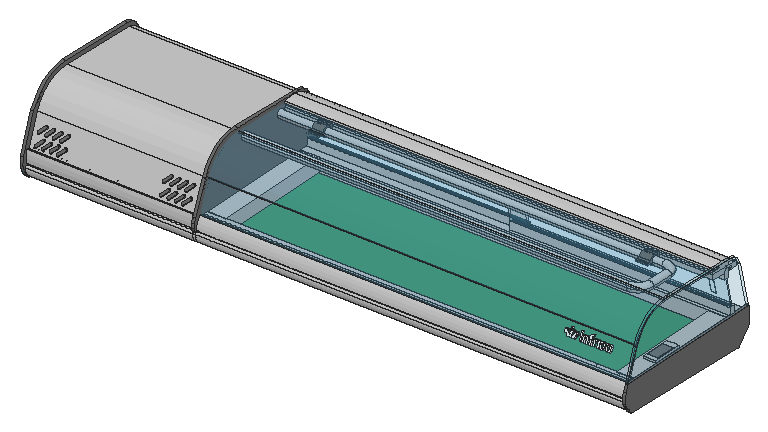
Revit family "QF_INFRICO_VSU6P_250818080521", category Specialty Equipment, Revit 2021
Family settings
  Round Connector Dimension = Use Diameter
  Part Type = Normal
  OmniClass Number = 23.40.40.14
  OmniClass Title = Food Service Equipment
  Work Plane-Based = No
  Always vertical = Yes
  Cut with Voids When Loaded = No
  Shared = No
  Room Calculation Point = No
Parameters (values of type "VSU6P")
  Weight [instance] = 0.00 kg
  Warranty Start Date [instance] = ""
  Warranty Duration [instance] = ""
  Volts [instance] = 230 V
  Volt Free Conn [instance] = no
  URL Recommended Spares List [instance] = ""
  URL Manufacturer [instance] = ""
  URL Cutsheet [instance] = ""
  URL Critical Spares List [instance] = ""
  URL = "www.infrico.com"
  Technical Documentation [instance] = ""
  Tag Number [instance] = ""
  Status [instance] = ""
  Start Up Current [instance] = 0 A
  Specification by User [instance] = ""
  Specification by Manufacturer [instance] = ""
  Sound Level [instance] = ""
  Show Logo [instance] = yes
  Show Clearances [instance] = yes
  Service Life Duration [instance] = ""
  Serial Number [instance] = ""
  Seismic Rating [instance] = ""
  SMACNA No [instance] = ""
  Revision Code [instance] = ""
  Revision [instance] = ""
  Production Year [instance] = ""
  Potential Equalisation [instance] = no
  Point Load [instance] = 0
  Phase [instance] = 1
  Other Equipment Approvals [instance] = ""
  Operational Current [instance] = 0 A
  Number of Poles [instance] = 2
  No Load Power Draw [instance] = no
  NAFEM Spec ID Number [instance] = ""
  Model Warning [instance] = ""
  Model = "VSU6P"
  Min Ckt Ampacity [instance] = 0 A
  Max Overcurrent Protection [instance] = 0 A
  Masterspec [instance] = ""
  Manufacturer = "INFRICO"
  Main switch integrated [instance] = no
  Length Actual [instance] = 1620 mm
  Item Number [instance] = ""
  Installed By [instance] = ""
  Installation Date [instance] = ""
  Identify Quantity as Lot [instance] = no
  ID [instance] = ""
  Hygiene Approval [instance] = ""
  Height Actual [instance] = 230 mm
  HP power [instance] = ""
  Furnished By [instance] = ""
  Foodservice Equipment Identifier [instance] = no
  FL Amps [instance] = 0 A
  Electrical Remarks [instance] = ""
  Electric power [instance] = 190 W
  Electric Connection Type [instance] = ""
  Elec Conn RI Height [instance] = 0 mm
  Elec Conn Connection Height [instance] = 0 mm
  ETL Approved [instance] = no
  Description = "SUSHI FISH AND SEAFOOD DISPLAY CASE - R600"
  Depth Actual [instance] = 410 mm
  Default Elevation = 0 mm
  Cycle [instance] = 50 Hz
  Cost = 0
  Connection to energy optimisation system [instance] = yes
  Conn Plug [instance] = ""
  Conn Conduit [instance] = no
  Centralized building control system with digital interface [instance] = ""
  CSI MasterFormat [instance] = ""
  CE Approved [instance] = no
  Barcode [instance] = 0
  Author [instance] = ""
  Asset Identifier [instance] = ""
  Apparent Power [instance] = 190 VA
  Accessory [instance] = no
Reference planes
  plane 1 "Center (Front/Back)": y = 0
  plane 2: z = 0
  plane 3 "Center (Left/Right)": x = 0
Forms (mm)
  Extrusion 1, solid, not visible
    sketch origin (1590.078, -69.503, 10) x (1, 0, 0) y (0, 1, 0)
      loop
        line (-2, 2) -> (-2, -2) -> (2, -2) -> (2, 2) -> (-2, 2)
    from -2 to 2
Dimensions and locks
  locked: nested 2 to Extrusion 1 at 2  (x2)
  aligned and locked: level to plane 2
Nested families
  nested 1: "QF_INFRICO_VSU6P_2920" at (0, 0, 0), type "VSU6P"
    with Weight 0.00 kg, Warranty Start Date "", Warranty Duration "", URL Cutsheet "", Technical Documentation "", Tag Number "", Status "", Specification by User "", Specification by Manufacturer "", Sound Level "", Solid Fuel Type "", Show Logo yes, Show Clearances yes, Show Clearance yes, Service Life Duration "", Serial Number "", Seismic Rating "", SMACNA No "", Revision Code "", Revision "", Production Year "", Point Load 0, Other Equipment Approvals "", NAFEM Spec ID Number "", Model Warning "", Masterspec "", Length Actual 1620 mm, Item Number "", Installed By "", Installation Date "", Identify Quantity as Lot yes, ID "", Hygiene Approval "", Height Actual 230 mm, Furnished By "", Foodservice Equipment Identifier yes, ETL Approved yes, Depth Actual 410 mm, CSI MasterFormat "", CE Approved no, Barcode "", Author "", Asset Identifier "", Accessory no
  nested 2: "CONN_POINT_ELE_2D___Generic_Annotation" at (1590.078, -69.503, 8), type "CONN_POINT_ELE_2D___Generic_Annotation"
    with Onboard connection annotation symbol visibility yes
Connectors
  electrical at (1590.078, -69.503, 8), driven by "Apparent Power", driven by "Number of Poles", driven by "Volts"
    settings: on Extrusion 1, index 1, voltage 230 V, apparent load 0 VA, apparent load phase1 190 VA, apparent load phase2 0 VA, apparent load phase3 0 VA, power factor 1, load classification "Other", number of poles 2, system type 31, power factor state 1, is connector primary yes, connector utility no, sub classification motor no, connector description "Electrical connection for VSU6P"
Definition of nested family "QF_INFRICO_VSU6P_2920"
  Parameters (values of type "VSU6P")
    Weight [instance] = 0.00 kg
    Warranty Start Date [instance] = ""
    Warranty Duration [instance] = ""
    URL Cutsheet [instance] = ""
    URL = "www.infrico.com"
    Technical Documentation [instance] = ""
    Tag Number [instance] = ""
    Status [instance] = ""
    Specification by User [instance] = ""
    Specification by Manufacturer [instance] = ""
    Sound Level [instance] = ""
    Solid Fuel Type [instance] = ""
    Show Logo [instance] = yes
    Show Clearances [instance] = yes
    Show Clearance [instance] = yes
    Service Life Duration [instance] = ""
    Serial Number [instance] = ""
    Seismic Rating [instance] = ""
    SMACNA No [instance] = ""
    Revision Code [instance] = ""
    Revision [instance] = ""
    Production Year [instance] = ""
    Point Load [instance] = 0
    Other Equipment Approvals [instance] = ""
    NAFEM Spec ID Number [instance] = ""
    Model Warning [instance] = ""
    Model = "VSU6P"
    Masterspec [instance] = ""
    Manufacturer = "INFRICO"
    Length Actual [instance] = 0 mm
    Item Number [instance] = ""
    Installed By [instance] = ""
    Installation Date [instance] = ""
    Identify Quantity as Lot [instance] = yes
    ID [instance] = ""
    Hygiene Approval [instance] = ""
    Height Actual [instance] = 0 mm
    Furnished By [instance] = ""
    Foodservice Equipment Identifier [instance] = yes
    ETL Approved [instance] = yes
    Description = "SUSHI FISH AND SEAFOOD DISPLAY CASE - R600"
    Depth Actual [instance] = 0 mm
    Default Elevation = 0 mm
    CSI MasterFormat [instance] = ""
    CE Approved [instance] = yes
    Barcode [instance] = ""
    Author [instance] = ""
    Asset Identifier [instance] = ""
    Assembly Code = "E1090320"
    Accessory [instance] = yes
  Reference planes
    plane 1 "Back": y = 0
    plane 2: z = 0
    plane 3 "Left": x = 0
    plane 4 "Right": x = 1620
    plane 5 "Front": y = -410
    plane 6 "Top": z = 230
  Forms (mm)
    Extrusion 1, solid
      sketch origin (0, 0, 0) x (0, 1, 0) y (0, 0, 1)
        loop
          arc (-36, 5) -> (-33.764, 5.528) -> (-32, 7) r 5
          line (-32, 7) -> (-1, 42)
          arc (-1, 42) -> (-0.257, 43.419) -> (0, 45) r 5
          line (0, 45) -> (0, 93) -> (-25, 203)
          arc (-25, 203) -> (-37.292, 222.429) -> (-59, 230) r 34.907
          line (-59, 230) -> (-266.176, 230)
          arc (-266.176, 230) -> (-331.51, 209.383) -> (-373.176, 155) r 113.827
          line (-373.176, 155) -> (-407.176, 61)
          arc (-407.176, 61) -> (-407.489, 29.671) -> (-388.176, 5) r 47.366
          line (-388.176, 5) -> (-36, 5)
      from 0 to 8
    Extrusion 2, solid
      sketch origin (458, 0, 0) x (0, 1, 0) y (0, 0, 1)
        loop
          line (-59, 230) -> (-266.176, 230)
          arc (-266.176, 230) -> (-331.51, 209.383) -> (-373.176, 155) r 113.827
          line (-373.176, 155) -> (-407.176, 61)
          arc (-407.176, 61) -> (-408.779, 55.576) -> (-409.723, 50) r 47.366
          arc (-409.723, 50) -> (-407.199, 42.249) -> (-399.723, 39) r 9.929
          line (-399.723, 39) -> (-362.091, 39) -> (-362.091, 5) -> (-95.091, 5) -> (-95.091, 78) -> (-58.091, 78) -> (-58.091, 85) -> (-4.091, 85) -> (-4.091, 111) -> (-25, 203)
          arc (-25, 203) -> (-37.292, 222.429) -> (-59, 230) r 34.907
      from 0 to 8
    Extrusion 3, solid
      sketch origin (0, 0, 0) x (0, 1, 0) y (0, 0, 1)
        loop
          line (-59, 221) -> (-266.176, 221)
          arc (-266.176, 221) -> (-326.388, 201.982) -> (-364.752, 151.829) r 104.827
          line (-364.752, 151.829) -> (-398, 59.909) -> (-396.119, 59.228) -> (-389.691, 77) -> (-387.723, 77) -> (-384.723, 74) -> (-379.723, 74) -> (-379.723, 49)
          arc (-379.723, 49) -> (-382.652, 41.929) -> (-389.723, 39) r 10
          line (-389.723, 39) -> (-399.723, 39)
          arc (-399.723, 39) -> (-403.098, 36.729) -> (-404.723, 33) r 7.268
          arc (-404.723, 33) -> (-399.374, 15.527) -> (-382.723, 8) r 22.18
          line (-382.723, 8) -> (-36.98, 8) -> (-4.091, 45) -> (-4.091, 85) -> (-20, 85) -> (-20, 154) -> (-30, 197)
          arc (-30, 197) -> (-40.178, 214.222) -> (-59, 221) r 29.521
      from 8 to 458
    Extrusion 4, solid
      sketch origin (0, 0, 0) x (0, 1, 0) y (0, 0, 1)
        loop
          line (-398, 77) -> (-399, 77)
          arc (-399, 77) -> (-399.594, 76.594) -> (-400, 76) r 1.947
          arc (-400, 76) -> (-402, 59) -> (-400, 42) r 73.25
          line (-400, 42) -> (-398, 42) -> (-398, 49) -> (-390, 49) -> (-390, 42) -> (-388, 42) -> (-388, 77) -> (-389, 77) -> (-390, 76) -> (-390, 57) -> (-398, 57) -> (-398, 77)
      from 8 to 458
    Extrusion 5, solid
      sketch origin (0, 0, 0) x (0, 1, 0) y (0, 0, 1)
        loop
          arc (-404.723, 33) -> (-399.374, 15.527) -> (-382.723, 8) r 22.18
          line (-382.723, 8) -> (-382.723, 10)
          arc (-382.723, 10) -> (-397.873, 16.849) -> (-402.74, 32.746) r 20.18
          arc (-402.74, 32.746) -> (-401.652, 35.337) -> (-399.386, 37) r 5.268
          line (-399.386, 37) -> (-389.723, 37)
          arc (-389.723, 37) -> (-381.238, 40.515) -> (-377.723, 49) r 12
          line (-377.723, 49) -> (-377.723, 72) -> (-369.723, 72) -> (-369.723, 63) -> (-367.723, 63) -> (-367.723, 74) -> (-379.723, 74) -> (-379.723, 49)
          arc (-379.723, 49) -> (-382.652, 41.929) -> (-389.723, 39) r 10
          line (-389.723, 39) -> (-399.723, 39)
          arc (-399.723, 39) -> (-403.098, 36.729) -> (-404.723, 33) r 7.268
      from 466 to 1612
    Extrusion 6, solid
      sketch origin (-8, 0, 0) x (0, 1, 0) y (0, 0, 1)
        loop
          arc (-404.723, 33) -> (-399.374, 15.527) -> (-382.723, 8) r 22.18
          line (-382.723, 8) -> (-382.723, 10)
          arc (-382.723, 10) -> (-397.873, 16.849) -> (-402.74, 32.746) r 20.18
          arc (-402.74, 32.746) -> (-401.652, 35.337) -> (-399.386, 37) r 5.268
          line (-399.386, 37) -> (-389.723, 37) -> (-389.723, 39) -> (-399.723, 39)
          arc (-399.723, 39) -> (-403.098, 36.729) -> (-404.723, 33) r 7.268
      from 466 to 474
    Extrusion 7, solid
      sketch origin (0, 0, 0) x (0, 1, 0) y (0, 0, 1)
        loop
          line (-379.723, 66) -> (-382.723, 66) -> (-382.723, 49)
          arc (-382.723, 49) -> (-384.774, 44.05) -> (-389.723, 42) r 7
          line (-389.723, 42) -> (-391.565, 51.238) -> (-383.884, 72.475) -> (-385.765, 73.155) -> (-392.568, 54.348) -> (-399.15, 56.729) -> (-392.346, 75.541) -> (-393.131, 76.133)
          arc (-393.131, 76.133) -> (-393.871, 76.325) -> (-394.531, 75.937) r 1
          arc (-394.531, 75.937) -> (-402.595, 60.751) -> (-405.533, 43.81) r 54.562
          line (-405.533, 43.81) -> (-404.723, 43) -> (-398.723, 43) -> (-397.723, 39) -> (-389.723, 39)
          arc (-389.723, 39) -> (-382.652, 41.929) -> (-379.723, 49) r 10
          line (-379.723, 49) -> (-379.723, 66)
      from 466 to 1612
    Extrusion 8, solid
      sketch origin (0, 0, 0) x (0, 1, 0) y (0, 0, 1)
        loop
          line (-84.091, 221) -> (-84.091, 216) -> (-109.091, 216) -> (-109.091, 210) -> (-69.091, 210) -> (-69.091, 215) -> (-62.091, 215) -> (-62.091, 210) -> (-59.091, 210) -> (-59.091, 220)
          arc (-59.091, 220) -> (-51.525, 219.498) -> (-44.091, 218) r 57.25
          line (-44.091, 218) -> (-36.091, 211) -> (-34.774, 212.505)
          arc (-34.774, 212.505) -> (-54.577, 225.298) -> (-77.774, 229.505) r 60.199
          arc (-77.774, 229.505) -> (-93.946, 228.105) -> (-109.774, 224.505) r 118.311
          line (-109.774, 224.505) -> (-109.774, 221) -> (-84.091, 221)
      from 466 to 1612
    Extrusion 9, solid
      sketch origin (0, 0, 0) x (0, 1, 0) y (0, 0, 1)
        loop
          line (-84.091, 221) -> (-266.176, 221)
          arc (-266.176, 221) -> (-326.388, 201.982) -> (-364.752, 151.829) r 104.827
          line (-364.752, 151.829) -> (-399.15, 56.729) -> (-394.448, 55.028) -> (-360.05, 150.128)
          arc (-360.05, 150.128) -> (-323.516, 197.889) -> (-266.176, 216) r 99.827
          line (-266.176, 216) -> (-84.091, 216) -> (-84.091, 221)
      from 466 to 1612
    Extrusion 10, solid
      sketch origin (0, 0, 0) x (0, 1, 0) y (0, 0, 1)
        loop
          line (-110.091, 210) -> (-108.466, 197) -> (-66.091, 197) -> (-66.091, 198) -> (-68.091, 198) -> (-69.091, 199) -> (-69.091, 207) -> (-58.091, 207) -> (-58.091, 199) -> (-59.091, 198) -> (-61.091, 198) -> (-61.091, 197) -> (-53.091, 197) -> (-53.091, 198) -> (-55.091, 198) -> (-56.091, 199) -> (-56.091, 207) -> (-45.091, 207) -> (-45.091, 199) -> (-46.091, 198) -> (-48.091, 198) -> (-48.091, 197) -> (-31.091, 197) -> (-33.091, 210) -> (-110.091, 210)
      from 466 to 1612
    Extrusion 11, solid
      sketch origin (0, 500, 0) x (0, 1, 0) y (0, 0, 1)
        loop
          line (-504.091, 85) -> (-558.091, 85) -> (-558.091, 10) -> (-882.723, 10) -> (-882.723, 8) -> (-536.98, 8) -> (-504.091, 45) -> (-504.091, 85)
      from 466 to 1612
    Extrusion 12, solid
      sketch origin (466, 500, 0) x (0, 1, 0) y (0, 0, 1)
        loop
          line (-558.091, 85) -> (-867.723, 74) -> (-867.723, 10) -> (-558.091, 10) -> (-558.091, 85)
      from 0 to 50
    Extrusion 13, solid
      sketch origin (1562, 500, 0) x (0, 1, 0) y (0, 0, 1)
        loop
          line (-558.091, 85) -> (-867.723, 74) -> (-867.723, 10) -> (-558.091, 10) -> (-558.091, 85)
      from 0 to 50
    Extrusion 14, solid
      sketch origin (0, 500, 0) x (0, 1, 0) y (0, 0, 1)
        loop
          line (-558.091, 47) -> (-558.091, 49) -> (-867.723, 38) -> (-867.723, 36) -> (-558.091, 47)
      from 516 to 1562
    Extrusion 15, solid
      sketch origin (642, -500, 0) x (0, 1, 0) y (0, 0, 1)
        loop
          line (453.909, 198) -> (453.909, 206) -> (444.909, 206) -> (444.909, 198) -> (446.909, 198) -> (446.909, 197) -> (444.409, 197) -> (444.409, 181) -> (446.409, 181) -> (446.409, 187) -> (452.409, 187) -> (452.409, 181) -> (454.409, 181) -> (454.409, 197) -> (451.909, 197) -> (451.909, 198) -> (453.909, 198)
      from -176 to 415
    Extrusion 16, solid
      sketch origin (1197, -513, 0) x (0, 1, 0) y (0, 0, 1)
        loop
          line (453.909, 198) -> (453.909, 206) -> (444.909, 206) -> (444.909, 198) -> (446.909, 198) -> (446.909, 197) -> (444.409, 197) -> (444.409, 181) -> (446.409, 181) -> (446.409, 187) -> (452.409, 187) -> (452.409, 181) -> (454.409, 181) -> (454.409, 197) -> (451.909, 197) -> (451.909, 198) -> (453.909, 198)
      from -176 to 415
    Extrusion 17, solid
      sketch origin (642, -480, 286) x (0, 1, 0) y (0, 0, 1)
        loop
          line (454.409, -201) -> (454.409, -181) -> (452.409, -181) -> (452.409, -187) -> (446.409, -187) -> (446.409, -181) -> (444.409, -181) -> (444.409, -201) -> (454.409, -201)
      from -176 to 415
    Extrusion 18, solid
      sketch origin (1197, -493, 286) x (0, 1, 0) y (0, 0, 1)
        loop
          line (454.409, -201) -> (454.409, -181) -> (452.409, -181) -> (452.409, -187) -> (446.409, -187) -> (446.409, -181) -> (444.409, -181) -> (444.409, -201) -> (454.409, -201)
      from -176 to 415
    Extrusion 19, solid
      sketch origin (176, -500, 0) x (0, 1, 0) y (0, 0, 1)
        loop
          line (472.409, 101.654) -> (451.257, 185.55) -> (446.409, 184.328) -> (467.561, 100.432) -> (472.409, 101.654)
      from 841 to 881
    Extrusion 20, solid
      sketch origin (555, -513, 0) x (0, 1, 0) y (0, 0, 1)
        loop
          line (472.409, 101.654) -> (451.257, 185.55) -> (446.409, 184.328) -> (467.561, 100.432) -> (472.409, 101.654)
      from 466 to 1005
    Extrusion 21, solid
      sketch origin (1005, 0, 0) x (0, 1, 0) y (0, 0, 1)
        loop
          line (-48.743, 185.55) -> (-53.591, 184.328) -> (-32.439, 100.432) -> (-27.591, 101.654) -> (-33.277, 124.209)
          arc (-33.277, 124.209) -> (-40.106, 143.113) -> (-43.056, 162.995) r 101
          line (-43.056, 162.995) -> (-48.743, 185.55)
      from 0 to 12
    Extrusion 22, solid
      sketch origin (-52, -500, 0) x (0, 1, 0) y (0, 0, 1)
        loop
          line (472.409, 101.654) -> (451.257, 185.55) -> (446.409, 184.328) -> (467.561, 100.432) -> (472.409, 101.654)
      from 518 to 1057
    Extrusion 23, solid
      sketch origin (1560, -13, 0) x (0, 1, 0) y (0, 0, 1)
        loop
          line (-48.743, 185.55) -> (-53.591, 184.328) -> (-32.439, 100.432) -> (-27.591, 101.654) -> (-33.277, 124.209)
          arc (-33.277, 124.209) -> (-40.106, 143.113) -> (-43.056, 162.995) r 101
          line (-43.056, 162.995) -> (-48.743, 185.55)
      from 0 to 12
    Extrusion 24, solid
      sketch origin (1106, -513, 0) x (0, 1, 0) y (0, 0, 1)
        loop
          line (472.409, 101.654) -> (451.257, 185.55) -> (446.409, 184.328) -> (467.561, 100.432) -> (472.409, 101.654)
      from 466 to 506
    Extrusion 25, solid
      sketch origin (1612, 0, 0) x (0, 1, 0) y (0, 0, 1)
        loop
          arc (-36, 5) -> (-33.764, 5.528) -> (-32, 7) r 5
          line (-32, 7) -> (-1, 42)
          arc (-1, 42) -> (-0.257, 43.419) -> (0, 45) r 5
          line (0, 45) -> (0, 91) -> (-401.389, 77) -> (-407.176, 61)
          arc (-407.176, 61) -> (-407.489, 29.671) -> (-388.176, 5) r 47.366
          line (-388.176, 5) -> (-36, 5)
      from 0 to 8
    Extrusion 26, solid
      sketch origin (352, -500, 0) x (0, 1, 0) y (0, 0, 1)
        loop
          line (500, 91) -> (500, 93) -> (475, 203)
          arc (475, 203) -> (462.708, 222.429) -> (441, 230) r 34.907
          line (441, 230) -> (233.824, 230)
          arc (233.824, 230) -> (168.49, 209.383) -> (126.824, 155) r 113.827
          line (126.824, 155) -> (98.611, 77) -> (500, 91)
      from 1260 to 1268
    Extrusion 27, solid, visible <- "Show Logo"
      sketch origin (266.769, -613.278, -535.272) x (1, 0, 0) y (0, 0.340136, 0.940376)
        loop
          line (1208.799, 696.53) -> (1208.799, 719.204) -> (1204.173, 719.204) -> (1204.173, 696.53) -> (1208.799, 696.53)
        loop
          line (1214.779, 713.006) -> (1211.283, 713.006) -> (1211.283, 696.53) -> (1215.772, 696.53) -> (1215.772, 707.832)
          arc (1215.772, 707.832) -> (1217.528, 708.741) -> (1219.417, 709.324) r 11.052
          arc (1219.417, 709.324) -> (1220.929, 708.961) -> (1221.598, 707.557) r 1.806
          line (1221.598, 707.557) -> (1221.598, 696.53) -> (1226.121, 696.53) -> (1226.121, 708.689)
          arc (1226.121, 708.689) -> (1224.637, 712.075) -> (1221.141, 713.281) r 4.607
          arc (1221.141, 713.281) -> (1218.282, 712.674) -> (1215.669, 711.361) r 11.435
          line (1215.669, 711.361) -> (1215.601, 712.184)
          arc (1215.601, 712.184) -> (1215.36, 712.765) -> (1214.779, 713.006) r 0.822
        loop
          line (1238.557, 720.102) -> (1237.306, 720.102)
          arc (1237.306, 720.102) -> (1235.052, 719.926) -> (1232.881, 719.297) r 11.103
          arc (1232.881, 719.297) -> (1230.805, 717.616) -> (1230.024, 715.062) r 4.567
          line (1230.024, 715.062) -> (1230.024, 712.909) -> (1227.351, 712.703) -> (1227.351, 709.374) -> (1230.024, 709.374) -> (1230.024, 696.53) -> (1234.547, 696.53) -> (1234.547, 709.374) -> (1238.249, 709.374) -> (1238.249, 712.938) -> (1234.547, 712.938) -> (1234.547, 714.548)
          arc (1234.547, 714.548) -> (1234.956, 715.705) -> (1236.045, 716.271) r 1.67
          line (1236.045, 716.271) -> (1237.7, 716.399)
          arc (1237.7, 716.399) -> (1238.306, 716.65) -> (1238.557, 717.255) r 0.857
          line (1238.557, 717.255) -> (1238.557, 720.102)
        loop
          line (1239.479, 713.006) -> (1239.479, 696.53) -> (1243.968, 696.53) -> (1243.968, 707.352)
          arc (1243.968, 707.352) -> (1245.873, 708.631) -> (1248.077, 709.268) r 7.435
          line (1248.077, 709.268) -> (1249.241, 709.416)
          arc (1249.241, 709.416) -> (1249.643, 709.758) -> (1249.793, 710.265) r 0.928
          line (1249.793, 710.265) -> (1249.793, 712.458)
          arc (1249.793, 712.458) -> (1249.531, 713.061) -> (1248.912, 713.28) r 0.824
          arc (1248.912, 713.28) -> (1246.197, 712.588) -> (1243.899, 710.984) r 7.833
          line (1243.899, 710.984) -> (1243.726, 713.006) -> (1239.479, 713.006)
        loop
          line (1255.495, 696.53) -> (1255.495, 713.006) -> (1251.006, 713.006) -> (1251.006, 696.53) -> (1255.495, 696.53)
        loop
          arc (1257.421, 701.327) -> (1258.567, 698.188) -> (1261.466, 696.525) r 4.873
          arc (1261.466, 696.525) -> (1264.493, 696.266) -> (1267.521, 696.525) r 17.816
          arc (1267.521, 696.525) -> (1270.575, 699.134) -> (1271.505, 703.041) r 6.481
          line (1271.505, 703.041) -> (1267.187, 703.041) -> (1267.187, 701.67)
          arc (1267.187, 701.67) -> (1266.64, 700.452) -> (1265.442, 699.865) r 1.965
          arc (1265.442, 699.865) -> (1264.547, 699.816) -> (1263.653, 699.865) r 8.196
          arc (1263.653, 699.865) -> (1262.417, 700.415) -> (1261.91, 701.67) r 1.806
          line (1261.91, 701.67) -> (1261.91, 707.9)
          arc (1261.91, 707.9) -> (1262.417, 709.155) -> (1263.653, 709.705) r 1.806
          arc (1263.653, 709.705) -> (1264.547, 709.754) -> (1265.442, 709.705) r 8.196
          arc (1265.442, 709.705) -> (1266.64, 709.118) -> (1267.187, 707.9) r 1.965
          line (1267.187, 707.9) -> (1267.187, 706.838) -> (1271.505, 706.838)
          arc (1271.505, 706.838) -> (1270.524, 710.556) -> (1267.521, 712.959) r 6.132
          arc (1267.521, 712.959) -> (1264.493, 713.294) -> (1261.466, 712.959) r 13.851
          arc (1261.466, 712.959) -> (1258.571, 711.349) -> (1257.421, 708.243) r 4.772
          line (1257.421, 708.243) -> (1257.421, 701.327)
        loop
          arc (1272.916, 701.329) -> (1273.993, 698.345) -> (1276.726, 696.734) r 4.676
          arc (1276.726, 696.734) -> (1278.515, 696.455) -> (1280.318, 696.291) r 28.371
          arc (1280.318, 696.291) -> (1282.122, 696.455) -> (1283.911, 696.734) r 28.371
          arc (1283.911, 696.734) -> (1286.644, 698.345) -> (1287.72, 701.329) r 4.676
          line (1287.72, 701.329) -> (1287.72, 708.242)
          arc (1287.72, 708.242) -> (1286.644, 711.226) -> (1283.911, 712.837) r 4.676
          arc (1283.911, 712.837) -> (1282.122, 713.116) -> (1280.318, 713.28) r 28.371
          arc (1280.318, 713.28) -> (1278.515, 713.116) -> (1276.726, 712.837) r 28.371
          arc (1276.726, 712.837) -> (1273.993, 711.226) -> (1272.916, 708.242) r 4.676
          line (1272.916, 708.242) -> (1272.916, 701.329)
        loop
          line (1277.405, 707.866) -> (1277.405, 701.705)
          arc (1277.405, 701.705) -> (1277.844, 700.556) -> (1278.936, 699.991) r 1.725
          arc (1278.936, 699.991) -> (1279.627, 699.918) -> (1280.318, 699.856) r 46.133
          arc (1280.318, 699.856) -> (1281.01, 699.918) -> (1281.701, 699.991) r 46.133
          arc (1281.701, 699.991) -> (1282.793, 700.556) -> (1283.231, 701.705) r 1.725
          line (1283.231, 701.705) -> (1283.231, 707.866)
          arc (1283.231, 707.866) -> (1282.793, 709.015) -> (1281.701, 709.58) r 1.725
          arc (1281.701, 709.58) -> (1281.01, 709.653) -> (1280.318, 709.716) r 46.133
          arc (1280.318, 709.716) -> (1279.627, 709.653) -> (1278.936, 709.58) r 46.133
          arc (1278.936, 709.58) -> (1277.844, 709.015) -> (1277.405, 707.866) r 1.725
        loop
          arc (1190.339, 696.543) -> (1191.411, 696.987) -> (1191.856, 698.059) r 1.516
          line (1191.856, 698.059) -> (1191.856, 703.891) -> (1196.035, 703.891)
          arc (1196.035, 703.891) -> (1196.79, 704.121) -> (1197.218, 704.782) r 1.147
          line (1197.218, 704.782) -> (1197.218, 706.211)
          arc (1197.218, 706.211) -> (1196.787, 707.258) -> (1195.719, 707.634) r 1.385
          line (1195.719, 707.634) -> (1194.52, 707.634) -> (1197.218, 710.332)
          arc (1197.218, 710.332) -> (1197.605, 711.266) -> (1197.218, 712.2) r 1.321
          line (1197.218, 712.2) -> (1196.495, 712.923)
          arc (1196.495, 712.923) -> (1195.54, 713.338) -> (1194.558, 712.991) r 1.422
          line (1194.558, 712.991) -> (1191.853, 710.286) -> (1191.853, 711.479)
          arc (1191.853, 711.479) -> (1191.443, 712.516) -> (1190.435, 712.992) r 1.516
          line (1190.435, 712.992) -> (1189.514, 712.992)
          arc (1189.514, 712.992) -> (1188.511, 712.514) -> (1188.103, 711.479) r 1.516
          line (1188.103, 711.479) -> (1188.103, 706.83) -> (1182.073, 701.336) -> (1182.073, 707.509) -> (1185.639, 711.075)
          arc (1185.639, 711.075) -> (1186.053, 712.073) -> (1185.639, 713.071) r 1.412
          line (1185.639, 713.071) -> (1184.987, 713.723)
          arc (1184.987, 713.723) -> (1183.939, 714.141) -> (1182.915, 713.667) r 1.428
          line (1182.915, 713.667) -> (1182.073, 712.825) -> (1182.073, 717.784)
          arc (1182.073, 717.784) -> (1181.658, 718.787) -> (1180.655, 719.203) r 1.418
          line (1180.655, 719.203) -> (1179.726, 719.203)
          arc (1179.726, 719.203) -> (1178.723, 718.787) -> (1178.308, 717.784) r 1.418
          line (1178.308, 717.784) -> (1178.308, 712.825) -> (1177.466, 713.667)
          arc (1177.466, 713.667) -> (1176.442, 714.141) -> (1175.394, 713.723) r 1.428
          line (1175.394, 713.723) -> (1174.742, 713.071)
          arc (1174.742, 713.071) -> (1174.328, 712.073) -> (1174.742, 711.075) r 1.412
          line (1174.742, 711.075) -> (1178.308, 707.509) -> (1178.308, 701.336) -> (1172.278, 706.83) -> (1172.278, 711.479)
          arc (1172.278, 711.479) -> (1171.87, 712.514) -> (1170.867, 712.992) r 1.516
          line (1170.867, 712.992) -> (1169.946, 712.992)
          arc (1169.946, 712.992) -> (1168.938, 712.516) -> (1168.528, 711.479) r 1.516
          line (1168.528, 711.479) -> (1168.528, 710.286) -> (1165.823, 712.991)
          arc (1165.823, 712.991) -> (1164.841, 713.338) -> (1163.886, 712.923) r 1.422
          line (1163.886, 712.923) -> (1163.163, 712.2)
          arc (1163.163, 712.2) -> (1162.776, 711.266) -> (1163.163, 710.332) r 1.321
          line (1163.163, 710.332) -> (1165.861, 707.634) -> (1164.662, 707.634)
          arc (1164.662, 707.634) -> (1163.594, 707.258) -> (1163.163, 706.211) r 1.385
          line (1163.163, 706.211) -> (1163.163, 704.782)
          arc (1163.163, 704.782) -> (1163.591, 704.121) -> (1164.346, 703.891) r 1.147
          line (1164.346, 703.891) -> (1168.525, 703.891) -> (1168.525, 698.059)
          arc (1168.525, 698.059) -> (1168.969, 696.987) -> (1170.042, 696.543) r 1.516
          line (1170.042, 696.543) -> (1190.339, 696.543)
      from 0 to 2
    Extrusion 28, solid
      sketch origin (69.494, -19.9, -42) x (1, 0, 0) y (0, 0, 1)
        loop
          arc (355.95, 156.95) -> (351, 156.95) -> (351, 152) r 3.5
          line (351, 152) -> (366.556, 136.444)
          arc (366.556, 136.444) -> (371.506, 136.444) -> (371.506, 141.393) r 3.5
          line (371.506, 141.393) -> (355.95, 156.95)
        loop
          arc (335.95, 156.95) -> (331, 156.95) -> (331, 152) r 3.5
          line (331, 152) -> (346.556, 136.444)
          arc (346.556, 136.444) -> (351.506, 136.444) -> (351.506, 141.393) r 3.5
          line (351.506, 141.393) -> (335.95, 156.95)
        loop
          arc (315.95, 156.95) -> (311, 156.95) -> (311, 152) r 3.5
          line (311, 152) -> (326.556, 136.444)
          arc (326.556, 136.444) -> (331.506, 136.444) -> (331.506, 141.393) r 3.5
          line (331.506, 141.393) -> (315.95, 156.95)
        loop
          arc (295.95, 156.95) -> (291, 156.95) -> (291, 152) r 3.5
          line (291, 152) -> (306.556, 136.444)
          arc (306.556, 136.444) -> (311.506, 136.444) -> (311.506, 141.393) r 3.5
          line (311.506, 141.393) -> (295.95, 156.95)
        loop
          arc (275.95, 156.95) -> (271, 156.95) -> (271, 152) r 3.5
          line (271, 152) -> (286.556, 136.444)
          arc (286.556, 136.444) -> (291.506, 136.444) -> (291.506, 141.393) r 3.5
          line (291.506, 141.393) -> (275.95, 156.95)
        loop
          arc (255.95, 156.95) -> (251, 156.95) -> (251, 152) r 3.5
          line (251, 152) -> (266.556, 136.444)
          arc (266.556, 136.444) -> (271.506, 136.444) -> (271.506, 141.393) r 3.5
          line (271.506, 141.393) -> (255.95, 156.95)
        loop
          arc (355.95, 186.95) -> (351, 186.95) -> (351, 182) r 3.5
          line (351, 182) -> (366.556, 166.444)
          arc (366.556, 166.444) -> (371.506, 166.444) -> (371.506, 171.393) r 3.5
          line (371.506, 171.393) -> (355.95, 186.95)
        loop
          arc (335.95, 186.95) -> (331, 186.95) -> (331, 182) r 3.5
          line (331, 182) -> (346.556, 166.444)
          arc (346.556, 166.444) -> (351.506, 166.444) -> (351.506, 171.393) r 3.5
          line (351.506, 171.393) -> (335.95, 186.95)
        loop
          arc (315.95, 186.95) -> (311, 186.95) -> (311, 182) r 3.5
          line (311, 182) -> (326.556, 166.444)
          arc (326.556, 166.444) -> (331.506, 166.444) -> (331.506, 171.393) r 3.5
          line (331.506, 171.393) -> (315.95, 186.95)
        loop
          arc (295.95, 186.95) -> (291, 186.95) -> (291, 182) r 3.5
          line (291, 182) -> (306.556, 166.444)
          arc (306.556, 166.444) -> (311.506, 166.444) -> (311.506, 171.393) r 3.5
          line (311.506, 171.393) -> (295.95, 186.95)
        loop
          arc (275.95, 186.95) -> (271, 186.95) -> (271, 182) r 3.5
          line (271, 182) -> (286.556, 166.444)
          arc (286.556, 166.444) -> (291.506, 166.444) -> (291.506, 171.393) r 3.5
          line (291.506, 171.393) -> (275.95, 186.95)
        loop
          arc (255.95, 186.95) -> (251, 186.95) -> (251, 182) r 3.5
          line (251, 182) -> (266.556, 166.444)
          arc (266.556, 166.444) -> (271.506, 166.444) -> (271.506, 171.393) r 3.5
          line (271.506, 171.393) -> (255.95, 186.95)
        loop
          arc (180.95, 156.95) -> (176, 156.95) -> (176, 152) r 3.5
          line (176, 152) -> (191.556, 136.444)
          arc (191.556, 136.444) -> (196.506, 136.444) -> (196.506, 141.393) r 3.5
          line (196.506, 141.393) -> (180.95, 156.95)
        loop
          arc (180.95, 186.95) -> (176, 186.95) -> (176, 182) r 3.5
          line (176, 182) -> (191.556, 166.444)
          arc (191.556, 166.444) -> (196.506, 166.444) -> (196.506, 171.393) r 3.5
          line (196.506, 171.393) -> (180.95, 186.95)
        loop
          arc (160.95, 156.95) -> (156, 156.95) -> (156, 152) r 3.5
          line (156, 152) -> (171.556, 136.444)
          arc (171.556, 136.444) -> (176.506, 136.444) -> (176.506, 141.393) r 3.5
          line (176.506, 141.393) -> (160.95, 156.95)
        loop
          arc (160.95, 186.95) -> (156, 186.95) -> (156, 182) r 3.5
          line (156, 182) -> (171.556, 166.444)
          arc (171.556, 166.444) -> (176.506, 166.444) -> (176.506, 171.393) r 3.5
          line (176.506, 171.393) -> (160.95, 186.95)
        loop
          arc (140.95, 156.95) -> (136, 156.95) -> (136, 152) r 3.5
          line (136, 152) -> (151.556, 136.444)
          arc (151.556, 136.444) -> (156.506, 136.444) -> (156.506, 141.393) r 3.5
          line (156.506, 141.393) -> (140.95, 156.95)
        loop
          arc (140.95, 186.95) -> (136, 186.95) -> (136, 182) r 3.5
          line (136, 182) -> (151.556, 166.444)
          arc (151.556, 166.444) -> (156.506, 166.444) -> (156.506, 171.393) r 3.5
          line (156.506, 171.393) -> (140.95, 186.95)
        loop
          arc (60.95, 156.95) -> (56, 156.95) -> (56, 152) r 3.5
          line (56, 152) -> (71.556, 136.444)
          arc (71.556, 136.444) -> (76.506, 136.444) -> (76.506, 141.393) r 3.5
          line (76.506, 141.393) -> (60.95, 156.95)
        loop
          arc (60.95, 186.95) -> (56, 186.95) -> (56, 182) r 3.5
          line (56, 182) -> (71.556, 166.444)
          arc (71.556, 166.444) -> (76.506, 166.444) -> (76.506, 171.393) r 3.5
          line (76.506, 171.393) -> (60.95, 186.95)
        loop
          arc (40.95, 156.95) -> (36, 156.95) -> (36, 152) r 3.5
          line (36, 152) -> (51.556, 136.444)
          arc (51.556, 136.444) -> (56.506, 136.444) -> (56.506, 141.393) r 3.5
          line (56.506, 141.393) -> (40.95, 156.95)
        loop
          arc (40.95, 186.95) -> (36, 186.95) -> (36, 182) r 3.5
          line (36, 182) -> (51.556, 166.444)
          arc (51.556, 166.444) -> (56.506, 166.444) -> (56.506, 171.393) r 3.5
          line (56.506, 171.393) -> (40.95, 186.95)
        loop
          arc (20.95, 156.95) -> (16, 156.95) -> (16, 152) r 3.5
          line (16, 152) -> (31.556, 136.444)
          arc (31.556, 136.444) -> (36.506, 136.444) -> (36.506, 141.393) r 3.5
          line (36.506, 141.393) -> (20.95, 156.95)
        loop
          arc (20.95, 186.95) -> (16, 186.95) -> (16, 182) r 3.5
          line (16, 182) -> (31.556, 166.444)
          arc (31.556, 166.444) -> (36.506, 166.444) -> (36.506, 171.393) r 3.5
          line (36.506, 171.393) -> (20.95, 186.95)
        loop
          arc (0.95, 156.95) -> (-4, 156.95) -> (-4, 152) r 3.5
          line (-4, 152) -> (11.556, 136.444)
          arc (11.556, 136.444) -> (16.506, 136.444) -> (16.506, 141.393) r 3.5
          line (16.506, 141.393) -> (0.95, 156.95)
        loop
          arc (0.95, 186.95) -> (-4, 186.95) -> (-4, 182) r 3.5
          line (-4, 182) -> (11.556, 166.444)
          arc (11.556, 166.444) -> (16.506, 166.444) -> (16.506, 171.393) r 3.5
          line (16.506, 171.393) -> (0.95, 186.95)
        loop
          arc (-19.05, 156.95) -> (-24, 156.95) -> (-24, 152) r 3.5
          line (-24, 152) -> (-8.444, 136.444)
          arc (-8.444, 136.444) -> (-3.494, 136.444) -> (-3.494, 141.393) r 3.5
          line (-3.494, 141.393) -> (-19.05, 156.95)
        loop
          arc (-19.05, 186.95) -> (-24, 186.95) -> (-24, 182) r 3.5
          line (-24, 182) -> (-8.444, 166.444)
          arc (-8.444, 166.444) -> (-3.494, 166.444) -> (-3.494, 171.393) r 3.5
          line (-3.494, 171.393) -> (-19.05, 186.95)
        loop
          arc (-39.05, 156.95) -> (-44, 156.95) -> (-44, 152) r 3.5
          line (-44, 152) -> (-28.444, 136.444)
          arc (-28.444, 136.444) -> (-23.494, 136.444) -> (-23.494, 141.393) r 3.5
          line (-23.494, 141.393) -> (-39.05, 156.95)
        loop
          arc (-39.05, 186.95) -> (-44, 186.95) -> (-44, 182) r 3.5
          line (-44, 182) -> (-28.444, 166.444)
          arc (-28.444, 166.444) -> (-23.494, 166.444) -> (-23.494, 171.393) r 3.5
          line (-23.494, 171.393) -> (-39.05, 186.95)
      from 0 to 2
    Extrusion 29, solid
      sketch origin (69.494, 14.914, 4.3) x (1, 0, 0) y (0, -0.226513, 0.974008)
        loop
          arc (355.95, 186.95) -> (351, 186.95) -> (351, 182) r 3.5
          line (351, 182) -> (366.556, 166.444)
          arc (366.556, 166.444) -> (371.506, 166.444) -> (371.506, 171.393) r 3.5
          line (371.506, 171.393) -> (355.95, 186.95)
        loop
          arc (335.95, 186.95) -> (331, 186.95) -> (331, 182) r 3.5
          line (331, 182) -> (346.556, 166.444)
          arc (346.556, 166.444) -> (351.506, 166.444) -> (351.506, 171.393) r 3.5
          line (351.506, 171.393) -> (335.95, 186.95)
        loop
          arc (315.95, 186.95) -> (311, 186.95) -> (311, 182) r 3.5
          line (311, 182) -> (326.556, 166.444)
          arc (326.556, 166.444) -> (331.506, 166.444) -> (331.506, 171.393) r 3.5
          line (331.506, 171.393) -> (315.95, 186.95)
        loop
          arc (295.95, 186.95) -> (291, 186.95) -> (291, 182) r 3.5
          line (291, 182) -> (306.556, 166.444)
          arc (306.556, 166.444) -> (311.506, 166.444) -> (311.506, 171.393) r 3.5
          line (311.506, 171.393) -> (295.95, 186.95)
        loop
          arc (275.95, 186.95) -> (271, 186.95) -> (271, 182) r 3.5
          line (271, 182) -> (286.556, 166.444)
          arc (286.556, 166.444) -> (291.506, 166.444) -> (291.506, 171.393) r 3.5
          line (291.506, 171.393) -> (275.95, 186.95)
        loop
          arc (255.95, 186.95) -> (251, 186.95) -> (251, 182) r 3.5
          line (251, 182) -> (266.556, 166.444)
          arc (266.556, 166.444) -> (271.506, 166.444) -> (271.506, 171.393) r 3.5
          line (271.506, 171.393) -> (255.95, 186.95)
        loop
          arc (180.95, 186.95) -> (176, 186.95) -> (176, 182) r 3.5
          line (176, 182) -> (191.556, 166.444)
          arc (191.556, 166.444) -> (196.506, 166.444) -> (196.506, 171.393) r 3.5
          line (196.506, 171.393) -> (180.95, 186.95)
        loop
          arc (160.95, 186.95) -> (156, 186.95) -> (156, 182) r 3.5
          line (156, 182) -> (171.556, 166.444)
          arc (171.556, 166.444) -> (176.506, 166.444) -> (176.506, 171.393) r 3.5
          line (176.506, 171.393) -> (160.95, 186.95)
        loop
          arc (140.95, 186.95) -> (136, 186.95) -> (136, 182) r 3.5
          line (136, 182) -> (151.556, 166.444)
          arc (151.556, 166.444) -> (156.506, 166.444) -> (156.506, 171.393) r 3.5
          line (156.506, 171.393) -> (140.95, 186.95)
        loop
          arc (60.95, 186.95) -> (56, 186.95) -> (56, 182) r 3.5
          line (56, 182) -> (71.556, 166.444)
          arc (71.556, 166.444) -> (76.506, 166.444) -> (76.506, 171.393) r 3.5
          line (76.506, 171.393) -> (60.95, 186.95)
        loop
          arc (40.95, 186.95) -> (36, 186.95) -> (36, 182) r 3.5
          line (36, 182) -> (51.556, 166.444)
          arc (51.556, 166.444) -> (56.506, 166.444) -> (56.506, 171.393) r 3.5
          line (56.506, 171.393) -> (40.95, 186.95)
        loop
          arc (20.95, 186.95) -> (16, 186.95) -> (16, 182) r 3.5
          line (16, 182) -> (31.556, 166.444)
          arc (31.556, 166.444) -> (36.506, 166.444) -> (36.506, 171.393) r 3.5
          line (36.506, 171.393) -> (20.95, 186.95)
        loop
          arc (0.95, 186.95) -> (-4, 186.95) -> (-4, 182) r 3.5
          line (-4, 182) -> (11.556, 166.444)
          arc (11.556, 166.444) -> (16.506, 166.444) -> (16.506, 171.393) r 3.5
          line (16.506, 171.393) -> (0.95, 186.95)
        loop
          arc (-19.05, 186.95) -> (-24, 186.95) -> (-24, 182) r 3.5
          line (-24, 182) -> (-8.444, 166.444)
          arc (-8.444, 166.444) -> (-3.494, 166.444) -> (-3.494, 171.393) r 3.5
          line (-3.494, 171.393) -> (-19.05, 186.95)
        loop
          arc (-39.05, 186.95) -> (-44, 186.95) -> (-44, 182) r 3.5
          line (-44, 182) -> (-28.444, 166.444)
          arc (-28.444, 166.444) -> (-23.494, 166.444) -> (-23.494, 171.393) r 3.5
          line (-23.494, 171.393) -> (-39.05, 186.95)
      from 0 to 2
    Extrusion 30, solid
      sketch origin (0, -429.349, -32.367) x (1, 0, 0) y (0, 0.340136, 0.940376)
        loop
          line (393.05, 141.95) -> (377.494, 126.393)
          arc (377.494, 126.393) -> (377.494, 121.444) -> (382.444, 121.444) r 3.5
          line (382.444, 121.444) -> (398, 137)
          arc (398, 137) -> (398, 141.95) -> (393.05, 141.95) r 3.5
        loop
          line (393.05, 171.95) -> (377.494, 156.393)
          arc (377.494, 156.393) -> (377.494, 151.444) -> (382.444, 151.444) r 3.5
          line (382.444, 151.444) -> (398, 167)
          arc (398, 167) -> (398, 171.95) -> (393.05, 171.95) r 3.5
        loop
          line (413.05, 141.95) -> (397.494, 126.393)
          arc (397.494, 126.393) -> (397.494, 121.444) -> (402.444, 121.444) r 3.5
          line (402.444, 121.444) -> (418, 137)
          arc (418, 137) -> (418, 141.95) -> (413.05, 141.95) r 3.5
        loop
          line (413.05, 171.95) -> (397.494, 156.393)
          arc (397.494, 156.393) -> (397.494, 151.444) -> (402.444, 151.444) r 3.5
          line (402.444, 151.444) -> (418, 167)
          arc (418, 167) -> (418, 171.95) -> (413.05, 171.95) r 3.5
        loop
          line (433.05, 141.95) -> (417.494, 126.393)
          arc (417.494, 126.393) -> (417.494, 121.444) -> (422.444, 121.444) r 3.5
          line (422.444, 121.444) -> (438, 137)
          arc (438, 137) -> (438, 141.95) -> (433.05, 141.95) r 3.5
        loop
          line (433.05, 171.95) -> (417.494, 156.393)
          arc (417.494, 156.393) -> (417.494, 151.444) -> (422.444, 151.444) r 3.5
          line (422.444, 151.444) -> (438, 167)
          arc (438, 167) -> (438, 171.95) -> (433.05, 171.95) r 3.5
        loop
          line (373.05, 141.95) -> (357.494, 126.393)
          arc (357.494, 126.393) -> (357.494, 121.444) -> (362.444, 121.444) r 3.5
          line (362.444, 121.444) -> (378, 137)
          arc (378, 137) -> (378, 141.95) -> (373.05, 141.95) r 3.5
        loop
          line (373.05, 171.95) -> (357.494, 156.393)
          arc (357.494, 156.393) -> (357.494, 151.444) -> (362.444, 151.444) r 3.5
          line (362.444, 151.444) -> (378, 167)
          arc (378, 167) -> (378, 171.95) -> (373.05, 171.95) r 3.5
        loop
          line (58.05, 141.95) -> (42.494, 126.393)
          arc (42.494, 126.393) -> (42.494, 121.444) -> (47.444, 121.444) r 3.5
          line (47.444, 121.444) -> (63, 137)
          arc (63, 137) -> (63, 141.95) -> (58.05, 141.95) r 3.5
        loop
          line (58.05, 171.95) -> (42.494, 156.393)
          arc (42.494, 156.393) -> (42.494, 151.444) -> (47.444, 151.444) r 3.5
          line (47.444, 151.444) -> (63, 167)
          arc (63, 167) -> (63, 171.95) -> (58.05, 171.95) r 3.5
        loop
          line (78.05, 141.95) -> (62.494, 126.393)
          arc (62.494, 126.393) -> (62.494, 121.444) -> (67.444, 121.444) r 3.5
          line (67.444, 121.444) -> (83, 137)
          arc (83, 137) -> (83, 141.95) -> (78.05, 141.95) r 3.5
        loop
          line (78.05, 171.95) -> (62.494, 156.393)
          arc (62.494, 156.393) -> (62.494, 151.444) -> (67.444, 151.444) r 3.5
          line (67.444, 151.444) -> (83, 167)
          arc (83, 167) -> (83, 171.95) -> (78.05, 171.95) r 3.5
        loop
          line (98.05, 141.95) -> (82.494, 126.393)
          arc (82.494, 126.393) -> (82.494, 121.444) -> (87.444, 121.444) r 3.5
          line (87.444, 121.444) -> (103, 137)
          arc (103, 137) -> (103, 141.95) -> (98.05, 141.95) r 3.5
        loop
          line (98.05, 171.95) -> (82.494, 156.393)
          arc (82.494, 156.393) -> (82.494, 151.444) -> (87.444, 151.444) r 3.5
          line (87.444, 151.444) -> (103, 167)
          arc (103, 167) -> (103, 171.95) -> (98.05, 171.95) r 3.5
        loop
          line (38.05, 141.95) -> (22.494, 126.393)
          arc (22.494, 126.393) -> (22.494, 121.444) -> (27.444, 121.444) r 3.5
          line (27.444, 121.444) -> (43, 137)
          arc (43, 137) -> (43, 141.95) -> (38.05, 141.95) r 3.5
        loop
          line (38.05, 171.95) -> (22.494, 156.393)
          arc (22.494, 156.393) -> (22.494, 151.444) -> (27.444, 151.444) r 3.5
          line (27.444, 151.444) -> (43, 167)
          arc (43, 167) -> (43, 171.95) -> (38.05, 171.95) r 3.5
      from 0 to 2
    Extrusion 31, solid
      sketch origin (0, -500, 0) x (0, 1, 0) y (0, 0, 1)
        loop
          line (117.277, 8) -> (137.909, 8) -> (137.909, 10) -> (117.277, 10) -> (117.277, 8)
        loop
          line (404.909, 8) -> (463.02, 8) -> (495.909, 45) -> (495.909, 85) -> (493.909, 85) -> (493.909, 45.76) -> (462.122, 10) -> (404.909, 10) -> (404.909, 8)
      from 458 to 466
    Revolve 32, solid
      sketch origin (24, -70, 0) x (0, 1, 0) y (0, 0, 1)
        loop
          line (0, 0) -> (0, 8) -> (-13, 8)
          arc (-13, 8) -> (-14.414, 7.414) -> (-15, 6) r 2
          line (-15, 6) -> (-15, 2) -> (-12, 2) -> (-12, 0) -> (0, 0)
        axis (0, 0) -> (0, 8)
      angle from 0 to 360
    Revolve 33, solid
      sketch origin (24, -350, 0) x (0, 1, 0) y (0, 0, 1)
        loop
          line (0, 0) -> (0, 8) -> (-13, 8)
          arc (-13, 8) -> (-14.414, 7.414) -> (-15, 6) r 2
          line (-15, 6) -> (-15, 2) -> (-12, 2) -> (-12, 0) -> (0, 0)
        axis (0, 0) -> (0, 8)
      angle from 0 to 360
    Revolve 34, solid
      sketch origin (522, -110, 0) x (0, 1, 0) y (0, 0, 1)
        loop
          line (0, 0) -> (0, 8) -> (-13, 8)
          arc (-13, 8) -> (-14.414, 7.414) -> (-15, 6) r 2
          line (-15, 6) -> (-15, 2) -> (-12, 2) -> (-12, 0) -> (0, 0)
        axis (0, 0) -> (0, 8)
      angle from 0 to 360
    Revolve 35, solid
      sketch origin (522, -350, 0) x (0, 1, 0) y (0, 0, 1)
        loop
          line (0, 0) -> (0, 8) -> (-13, 8)
          arc (-13, 8) -> (-14.414, 7.414) -> (-15, 6) r 2
          line (-15, 6) -> (-15, 2) -> (-12, 2) -> (-12, 0) -> (0, 0)
        axis (0, 0) -> (0, 8)
      angle from 0 to 360
    Revolve 36, solid
      sketch origin (1556, -110, 0) x (0, 1, 0) y (0, 0, 1)
        loop
          line (0, 0) -> (0, 8) -> (-13, 8)
          arc (-13, 8) -> (-14.414, 7.414) -> (-15, 6) r 2
          line (-15, 6) -> (-15, 2) -> (-12, 2) -> (-12, 0) -> (0, 0)
        axis (0, 0) -> (0, 8)
      angle from 0 to 360
    Revolve 37, solid
      sketch origin (1556, -350, 0) x (0, 1, 0) y (0, 0, 1)
        loop
          line (0, 0) -> (0, 8) -> (-13, 8)
          arc (-13, 8) -> (-14.414, 7.414) -> (-15, 6) r 2
          line (-15, 6) -> (-15, 2) -> (-12, 2) -> (-12, 0) -> (0, 0)
        axis (0, 0) -> (0, 8)
      angle from 0 to 360
    Revolve 38, solid
      sketch origin (398, -210, 0) x (0, 1, 0) y (0, 0, 1)
        loop
          line (0, 0) -> (0, 8) -> (-13, 8)
          arc (-13, 8) -> (-14.414, 7.414) -> (-15, 6) r 2
          line (-15, 6) -> (-15, 2) -> (-12, 2) -> (-12, 0) -> (0, 0)
        axis (0, 0) -> (0, 8)
      angle from 0 to 360
    Extrusion 39, solid
      sketch origin (1439, 0, 0) x (0, 1, 0) y (0, 0, 1)
        loop
          line (-110.829, 215.903) -> (-114.798, 215.407) -> (-111.697, 190.6) -> (-107.728, 191.097) -> (-110.829, 215.903)
      from 0 to 30
    Extrusion 40, solid
      sketch origin (563, 0, 0) x (0, 1, 0) y (0, 0, 1)
        loop
          line (-110.829, 215.903) -> (-114.798, 215.407) -> (-111.697, 190.6) -> (-107.728, 191.097) -> (-110.829, 215.903)
      from 0 to 30
    Extrusion 41, solid
      sketch origin (0, 0, 0) x (0, 1, 0) y (0, 0, 1)
        loop
          circle (-125.248, 203.004) r 10
        loop
          arc (-148.866, 206.004) -> (-147.988, 203.883) -> (-145.866, 203.004) r 3
          arc (-145.866, 203.004) -> (-147.988, 202.125) -> (-148.866, 200.004) r 3
          line (-148.866, 200.004) -> (-136.866, 200.004)
          arc (-136.866, 200.004) -> (-113.248, 203.004) -> (-136.866, 206.004) r 12
          line (-136.866, 206.004) -> (-148.866, 206.004)
      from 563 to 593
    Extrusion 42, solid
      sketch origin (876, 0, 0) x (0, 1, 0) y (0, 0, 1)
        loop
          circle (-125.248, 203.004) r 10
        loop
          arc (-148.866, 206.004) -> (-147.988, 203.883) -> (-145.866, 203.004) r 3
          arc (-145.866, 203.004) -> (-147.988, 202.125) -> (-148.866, 200.004) r 3
          line (-148.866, 200.004) -> (-136.866, 200.004)
          arc (-136.866, 200.004) -> (-113.248, 203.004) -> (-136.866, 206.004) r 12
          line (-136.866, 206.004) -> (-148.866, 206.004)
      from 563 to 593
    Sweep 43, solid
      path origin (-552, -151.697, 203) x (1, 0, 0) y (0, 1, 0)
        loop
          line (1018, 26.45) -> (2050, 26.45)
          arc (2050, 26.45) -> (2071.213, 17.663) -> (2080, -3.55) r 30
          line (2080, -3.55) -> (2080, -63.55)
          arc (2080, -63.55) -> (2071.213, -84.764) -> (2050, -93.55) r 30
          line (2050, -93.55) -> (1018, -93.55)
      profile origin (1528, -185.248, 203) x (1, 0, 0) y (0, 0, 1)
        loop
          circle (0, 0) r 10
    Extrusion 44, solid
      sketch origin (2129.124, -1264.356, 47.83) x (0, 0.999392, 0.034858) y (1, 0, 0)
        loop
          arc (974, -555) -> (1012.5, -557) -> (1051, -555) r 371.563
          arc (1051, -555) -> (1052, -539) -> (1051, -523) r 128.5
          arc (1051, -523) -> (1012.5, -521) -> (974, -523) r 371.563
          arc (974, -523) -> (973, -539) -> (974, -555) r 128.5
      from 0 to 5
    Extrusion 45, solid
      sketch origin (2129.124, -1264.36, 47.93) x (0, 0.999392, 0.034858) y (1, 0, 0)
        loop
          line (1038, -528.124) -> (987, -528.124) -> (987, -556.124)
          arc (987, -556.124) -> (1012.5, -557) -> (1038, -556.124) r 371.563
          line (1038, -556.124) -> (1038, -528.124)
      from 0 to 2
  Cuts and joins
    joined: Extrusion 3, Extrusion 5, Extrusion 6, Extrusion 11, Extrusion 31
    joined: Extrusion 20, Extrusion 23, Extrusion 24
    joined: Extrusion 19, Extrusion 21, Extrusion 22
  Lines and regions (mm)
    symbolic lines
      curve 1: line (8, 0, 0) -> (0, 0, 0)
      curve 2: line (0, 0, 0) -> (0, -410, 0)
      curve 3: line (0, -410, 0) -> (8, -410, 0)
      curve 4: line (8, -410, 0) -> (8, -404.903, 0)
      curve 5: line (8, -404.903, 0) -> (458, -404.903, 0)
      curve 6: line (458, -404.903, 0) -> (458, -409.781, 0)
      curve 7: line (466, -409.781, 0) -> (466, -405.533, 0)
      curve 8: line (466, -409.781, 0) -> (458, -409.781, 0)
      curve 9: line (466, -405.533, 0) -> (1612, -405.533, 0)
      curve 10: line (1612, -405.533, 0) -> (1612, -410, 0)
      curve 11: line (1612, -410, 0) -> (1620, -410, 0)
      curve 12: line (1620, -410, 0) -> (1620, 0, 0)
      curve 13: line (1620, 0, 0) -> (1612, 0, 0)
      curve 14: line (1612, 0, 0) -> (1612, -4.091, 0)
      curve 15: line (1612, -4.091, 0) -> (8, -4.091, 0)
      curve 16: line (8, -4.091, 0) -> (8, 0, 0)
      curve 17: line (8, -4.091, 0) -> (8, -404.903, 0)
      curve 18: line (458, -4.091, 0) -> (458, -404.903, 0)
      curve 19: line (466, -405.533, 0) -> (466, -4.091, 0)
      curve 20: line (466, -392.346, 0) -> (1612, -392.346, 0)
      curve 21: line (1612, -4.091, 0) -> (1612, -405.533, 0)
      curve 22: line (466, -109.774, 0) -> (1612, -109.774, 0)
      curve 23: line (466, -34.774, 0) -> (1612, -34.774, 0)
      curve 24: line (466, -31.091, 0) -> (1612, -31.091, 0)
      curve 25: line (8, -30, 0) -> (458, -30, 0)
      curve 26: line (458, -20, 0) -> (8, -20, 0)
      curve 27: line (458, -398, 0) -> (8, -398, 0)
  Dimensions and locks
    plane 1 "Back" to plane 5 "Front" = 410 mm  (x2)
    plane 3 "Left" to plane 4 "Right" = 1620 mm
    plane 6 "Top" to level = 230 mm  (x2)
    plane 4 "Right" to plane 3 "Left" = 1620 mm
    aligned and locked: level to plane 2
Definition of nested family "CONN_POINT_ELE_2D___Generic_Annotation"
  Parameters (values of type "CONN_POINT_ELE_2D___Generic_Annotation")
    Onboard connection annotation symbol visibility [instance] = yes
  Reference planes
    plane 1: y = 0
    plane 2: x = 0
  Lines and regions (mm)
    detail lines, visible <- "Onboard connection annotation symbol visibility"
      curve 1: circle (0, 0, 0) r 0.5 normal (0, 0, 1)
      curve 2: line (-1, 0, 0) -> (1, 0, 0)
      curve 3: line (0, 1, 0) -> (0, -1, 0)
      curve 4: line (2.5, 1, 0) -> (1.25, 1, 0)
      curve 5: line (1.25, 1, 0) -> (1.25, -1, 0)
      curve 6: line (1.25, -1, 0) -> (2.5, -1, 0)
      curve 7: line (1.25, 0, 0) -> (2, 0, 0)
